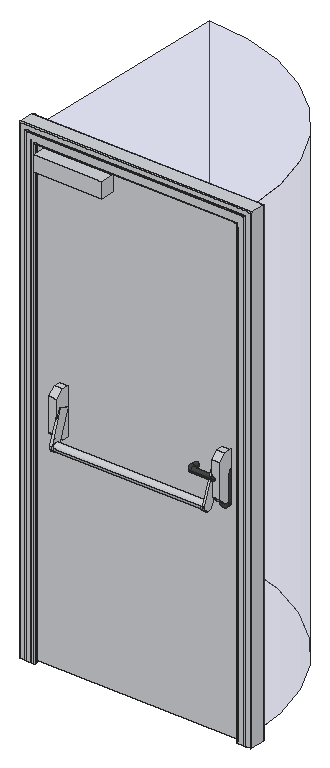
Revit family "Gamme Turia 1V - Tunnel", category Portes, Revit 2022
Family settings
  Basée sur le plan de construction = Non
  Toujours verticalement = Oui
  Couper avec des vides une fois chargée = Non
  Partagée = Non
  Repère de localisation dans la pièce = Non
Parameters (values of type "Neo_1V - 900 x 2178")
  Model = ""
  Rough Width = 0 mm
  Largeur Réservation = 1056 mm
  Rough Height = 0 mm
  Hauteur Réservation = 2178 mm
  Manufacturer = ""
  FP DC340 Bras - OP [instance] = yes
  Elévation par défaut = 0 mm
  Définir les propriétés thermiques par = Type schématique
  Côte_passage_libre_Hauteur [instance] = Hauteur Réservation - 78 mm  # 2100 mm
  Côte_passage_libre_90 = Largeur Réservation - 166 mm  # 890 mm
  Côte_passage_libre_180 [instance] = Largeur Réservation - 146 mm  # 910 mm
  Côte_ouverture [instance] = Largeur Réservation - 100 mm  # 956 mm
  Construction analytique = "<Aucun>"
  Code d'assemblage = "B2030"
  Béquille P1F - OP [instance] = yes
  Béquille P1F - CP [instance] = yes
  Barre Antipanique CROSS [instance] = yes
Types (8, lengths in mm): name | Model | Rough Width | Largeur Réservation | Rough Height | Manufacturer | Côte_passage_libre_90 | Côte_passage_libre_180 | Côte_ouverture | Code d'assemblage
  Turia_1V - 900 x 2178 | "" | 0 | 1056 | 0 | "" | 890 | 910 | 956 | "B2030"
  Turia_1V - 1000 x 2178 | "" | 0 | 1156 | 0 | "" | 990 | 1010 | 1056 | 0
  Turia_1V - 1100 x 2178 | "" | 0 | 1056 | 0 | "" | 890 | 910 | 956 | 0
  Neo_1V - 900 x 2178 | "" | 0 | 1056 | 0 | "" | 890 | 910 | 956 | "B2030"
  TURIA_1V - 900 x 2179 | "" | 0 | 1056 | 0 | "" | 890 | 910 | 956 | "B2030"
  TURIA_1V -1346*2178 | "TURIA" | 1346 | 1346 | 2178 | "PORTEMETAL" | 1180 | 1200 | 1246 | "B2030"
  NEO_1V -1346*2178 | "NEO" | 1346 | 1346 | 2178 | "PORTEMETAL" | 1180 | 1200 | 1246 | "B2030"
  TURIA_1V - 1046*2178 | "TURIA" | 1046 | 1046 | 2178 | "PORTEMETAL" | 880 | 900 | 946 | "B2030"
Reference planes
  plane 1 "Centre (avant/arrière)": y = 0
  plane 2: z = 0
  plane 3 "Centre (gauche/droite)": x = 0
  plane 4: x = -528
  plane 5: x = 528
  plane 6 "Hauteur Réservation": z = 2178
  plane 7 "Hauteur Vantail": z = 2114
  plane 8 "Niveau Bas du Vantail": z = 10
  plane 9 "Hauteur Aile de recouvrement": z = 2136
  plane 10 "Hauteur béquille": z = 1069
  plane 11 "Niveau Bas Paumelle du bas": z = 42
  plane 12 "Niveau Bas Paumelle du milieu": z = 991
  plane 13 "Niveau Bas paumelle du Haut": z = 1909
Forms (mm)
  Sweep 1, solid
    path origin (0, 0, 0) x (1, 0, 0) y (0, 0, 1)
      loop
        line (-528, 0) -> (-528, 2178) -> (528, 2178) -> (528, 0)
    profile origin (-528, 0, 1089) x (-1, 0, 0) y (0, -1, 0)
      loop
        arc (-5, 69.5) -> (-5.879, 71.621) -> (-8, 72.5) r 3
        line (-8, 72.5) -> (-30, 72.5)
        arc (-30, 72.5) -> (-32.121, 71.621) -> (-33, 69.5) r 3
        arc (-33, 69.5) -> (-33.879, 71.621) -> (-36, 72.5) r 3
        line (-36, 72.5) -> (-69.9, 72.5)
        arc (-69.9, 72.5) -> (-72.092, 71.592) -> (-73, 69.4) r 3.1
        line (-73, 69.4) -> (-73, 64.05)
        arc (-73, 64.05) -> (-71.45, 62.5) -> (-69.9, 64.05) r 1.55
        line (-69.9, 64.05) -> (-69.9, 69.4) -> (-54.5, 69.4)
        arc (-54.5, 69.4) -> (-53.439, 68.961) -> (-53, 67.9) r 1.5
        line (-53, 67.9) -> (-53, 46.622) -> (-50, 43.622) -> (-50, 22.379) -> (-53, 19.379) -> (-53, 6)
        arc (-53, 6) -> (-52.121, 3.879) -> (-50, 3) r 3
        line (-50, 3) -> (-36.74, 3) -> (-33.74, 0) -> (-8, 0)
        arc (-8, 0) -> (-5.879, 0.879) -> (-5, 3) r 3
        line (-5, 3) -> (-5, 69.5)
  Extrusion 2, solid
    sketch origin (0, 0, 0) x (1, 0, 0) y (0, 1, 0)
      loop
        line (-466, -63.106) -> (466, -63.106) -> (466, -2.506) -> (-466, -2.506) -> (-466, -63.106)
    from 10 to 2114
  Extrusion 3, solid
    sketch origin (0, 0, 0) x (1, 0, 0) y (0, 1, 0)
      loop
        line (-482.119, -2.5) -> (482, -2.5)
        arc (482, -2.5) -> (483.197, -1.303) -> (482, -0.106) r 1.197
        line (482, -0.106) -> (-482.119, -0.106)
        arc (-482.119, -0.106) -> (-483.316, -1.303) -> (-482.119, -2.5) r 1.197
    from 10 to 2136
  Extrusion 4, solid, material "Verre"
    sketch origin (0, 0, 0) x (1, 0, 0) y (0, 1, 0)
      loop
        line (-486, 0) -> (470, 0)
        arc (470, 0) -> (189.994, 675.994) -> (-486, 956) r 956
        line (-486, 956) -> (-486, 0)
    from 0 to 2144.26
Dimensions and locks
  equal spacing: plane 4, plane 3 "Centre (gauche/droite)", plane 5
  "Largeur Réservation": plane 4 to plane 5
  "Hauteur Réservation": plane 6 "Hauteur Réservation" to level
  locked: plane 8 "Niveau Bas du Vantail" to level at 10
  locked: plane 6 "Hauteur Réservation" to plane 7 "Hauteur Vantail" at 64
  locked: plane 6 "Hauteur Réservation" to plane 9 "Hauteur Aile de recouvrement" at 42
  locked: nested 1 to Extrusion 2 at 65
  locked: plane 10 "Hauteur béquille" to level at 1069
  locked: plane 11 "Niveau Bas Paumelle du bas" to level at 42
  locked: plane 12 "Niveau Bas Paumelle du milieu" to level at 991
  locked: plane 13 "Niveau Bas paumelle du Haut" to level at 1909
  nested 5 to nested 4 = 0 mm
  locked: nested 5 to plane 4 at 23.993
  locked: nested 4 to plane 4 at 23.993
  locked: nested 3 to plane 4 at 23.993
  Sweep 1 to Sweep 1 = 910 mm
  locked: nested 2 to Extrusion 2 at 65
  locked: nested 6 to Extrusion 2
  locked: nested 6 to Extrusion 2 at 43
  locked: nested 6 to plane 10 "Hauteur béquille" at 104
  locked: nested 7 to Extrusion 2
  locked: nested 7 to plane 6 "Hauteur Réservation" at 80
  locked: Extrusion 2 to nested 7 at 49
  "Côte_ouverture": Extrusion 4 sketch curve to Extrusion 4 sketch curve  (x2)
  aligned and locked: level to plane 2
  aligned and locked: plane 4 to Sweep 1 sketch curve
  aligned and locked: Sweep 1 sketch curve to plane 6 "Hauteur Réservation"
  aligned and locked: Sweep 1 sketch curve to plane 5
  aligned and locked: level to Sweep 1 sketch curve  (x2)
  aligned and locked: Extrusion 2 to plane 8 "Niveau Bas du Vantail"
  aligned and locked: plane 7 "Hauteur Vantail" to Extrusion 2
  aligned and locked: Extrusion 3 to plane 8 "Niveau Bas du Vantail"
  aligned and locked: plane 9 "Hauteur Aile de recouvrement" to Extrusion 3
  aligned and locked: Extrusion 2 to nested 1
  aligned and locked: plane 10 "Hauteur béquille" to nested 1
  aligned and locked: nested 2 to Extrusion 3
  aligned and locked: nested 3 to Extrusion 2
  aligned and locked: Sweep 1 to nested 3
  aligned and locked: nested 3 to plane 11 "Niveau Bas Paumelle du bas"
  aligned and locked: nested 4 to plane 12 "Niveau Bas Paumelle du milieu"
  aligned and locked: nested 5 to plane 13 "Niveau Bas paumelle du Haut"
Automatic sketch dimensions
  plane 1 "Centre (avant/arrière)" to Sweep 1 sketch curve = 0 mm
  profile plane to Sweep 1 sketch curve = 73 mm
  Sweep 1 sketch curve to Sweep 1 sketch curve = 1.55 mm
  Sweep 1 sketch curve to Sweep 1 sketch curve = 0 mm  (x2)
  Sweep 1 sketch curve to Sweep 1 sketch curve = 15.4 mm
  plane 1 "Centre (avant/arrière)" to Sweep 1 sketch curve = 19.379 mm
  Sweep 1 sketch curve to Sweep 1 sketch curve = 16.9 mm
  Sweep 1 sketch curve to Sweep 1 sketch curve = 1.5 mm
  Sweep 1 sketch curve to Sweep 1 sketch curve = 3 mm  (x8)
  plane 1 "Centre (avant/arrière)" to Sweep 1 sketch curve = 3 mm  (x2)
  Sweep 1 sketch curve to Sweep 1 sketch curve = 13.26 mm
  Sweep 1 sketch curve to Sweep 1 sketch curve = 17 mm
  Sweep 1 sketch curve to Sweep 1 sketch curve = 6 mm
  profile plane to Sweep 1 sketch curve = 8 mm
  Sweep 1 sketch curve to Sweep 1 sketch curve = 21.243 mm
  Sweep 1 sketch curve to Sweep 1 sketch curve = 17.428 mm
  Sweep 1 sketch curve to Sweep 1 sketch curve = 3.85 mm
  plane 1 "Centre (avant/arrière)" to Extrusion 2 sketch curve = 2.506 mm
  plane 4 to Extrusion 2 sketch curve = 62 mm
  Extrusion 2 sketch curve to plane 5 = 62 mm
  Extrusion 2 sketch curve to Extrusion 2 sketch curve = 60.6 mm
  plane 1 "Centre (avant/arrière)" to Extrusion 3 sketch curve = 1.303 mm
  plane 4 to Extrusion 3 sketch curve = 45.881 mm
  plane 1 "Centre (avant/arrière)" to Extrusion 3 sketch curve = 2.5 mm
  Extrusion 3 sketch curve to plane 5 = 46 mm
  plane 1 "Centre (avant/arrière)" to Extrusion 4 sketch curve = 0 mm
  plane 4 to Extrusion 4 sketch curve = 42 mm
Nested families
  nested 1: "Béquille Nylon Premium" at (401, -63.106, 1023), visible <- "Béquille P1F - OP", type "Béquille Nylon Premium"
    with Nylon noir Materiel Béquille Standard
  nested 2: "Béquille Nylon Premium" at (401, -0.106, 1023), visible <- "Béquille P1F - CP", type "Béquille Nylon Premium"
    with Nylon noir Materiel Béquille Standard
  nested 3: "Axe Paumelle Turia" at (-504.007, 12, 42), type "Axe Paumelle Turia"
  nested 4: "Axe Paumelle Turia" at (-504.007, 12, 991), type "Axe Paumelle Turia"
  nested 5: "Axe Paumelle Turia" at (-504.007, 12, 1909), type "Axe Paumelle Turia"
  nested 6: "Barre antipanique CROSS-bis" at (-331.294, -63.106, 965), visible <- "Barre Antipanique CROSS", type "Barre antipanique CROSS-bis"
    with Longueur Tube/Barre 800 mm, Longeur tube 680 mm, Lg entre manoeuvre 680 mm, Lg Tube 680 mm
  nested 7: "Ferme-porte DC340 - Montage Opposé Paumelles" at (-109, -63.106, 2029), visible <- "FP DC340 Bras - OP", type "Ferme-porte DC340 - Montage Opposé Paumelles"
Definition of nested family "Béquille Nylon Premium"
  Parameters (values of type "Béquille Nylon Premium")
    Nylon noir [instance] = none
    Default Elevation = 0 mm
  Reference planes
    plane 1 "Centre (avant/arrière)": y = 0
    plane 2: z = 0
    plane 3 "Centre (gauche/droite)": x = 0
  Forms (mm)
    Extrusion 1, solid, material <- "Nylon noir"
      sketch origin (0, 0, 0) x (1, 0, 0) y (0, 0, 1)
        loop
          line (-23, 66) -> (-23, -66)
          arc (-23, -66) -> (0, -89) -> (23, -66) r 23
          line (23, -66) -> (23, 66)
          arc (23, 66) -> (0, 89) -> (-23, 66) r 23
      from 0 to 9
    Extrusion 2, void
      sketch origin (0, 0, 0) x (1, 0, 0) y (0, 0, 1)
        loop
          line (5.5, -46) -> (5.5, -33.124)
          arc (5.5, -33.124) -> (0, -17) -> (-5.5, -33.124) r 9
          line (-5.5, -33.124) -> (-5.5, -46)
          arc (-5.5, -46) -> (0, -51.5) -> (5.5, -46) r 5.5
      from -4.814 to 18.923
    Sweep 3, solid, material <- "Nylon noir"
      path origin (0, 0, 0) x (1, 0, 0) y (0, 1, 0)
        loop
          line (0, -9) -> (0, -38)
          arc (0, -38) -> (-4.686, -49.314) -> (-16, -54) r 16
          line (-16, -54) -> (-104, -54)
          arc (-104, -54) -> (-115.314, -49.314) -> (-120, -38) r 16
          line (-120, -38) -> (-120, -15.013)
      profile origin (0, -23.5, 0) x (1, 0, 0) y (0, 0, 1)
        loop
          circle (0, 46) r 11
  Cuts and joins
    Extrusion 2 cuts Extrusion 1
  Dimensions and locks
    locked: plane 3 "Centre (gauche/droite)" to Extrusion 1 sketch curve at 23
    Extrusion 1 sketch curve to plane 3 "Centre (gauche/droite)" = 23 mm
    locked: Sweep 3 sketch curve to cut or joined group of Extrusion 1, Extrusion 2 at 45
    locked: Sweep 3 sketch curve to Sweep 3 sketch curve at 120
    Sweep 3 sketch curve to Sweep 3 sketch curve = 16 mm  (x4)
    locked: Sweep 3 sketch curve to cut or joined group of Extrusion 1, Extrusion 2
    Sweep 3 sketch curve to Sweep 3 sketch curve = 38.987 mm
    locked: level to Sweep 3 at 46
    locked: cut or joined group of Extrusion 1, Extrusion 2 to level at 46
    aligned and locked: level to plane 2
Definition of nested family "Axe Paumelle Turia"
  Parameters
    Default Elevation = 0 mm
  Reference planes
    plane 1 "Centre (avant/arrière)": y = 0
    plane 2: z = 0
    plane 3 "Centre (gauche/droite)": x = 0
    plane 4 "Partie haute paumelle": z = 123
  Forms (mm)
    Extrusion 1, solid
      sketch origin (0, 0, 0) x (1, 0, 0) y (0, 1, 0)
        loop
          circle (0, 0) r 3
      from 0 to 123
    Extrusion 2, solid
      sketch origin (0, 0, 0) x (1, 0, 0) y (0, 1, 0)
        loop
          circle (0, 0) r 12
      from 0 to 6
    Extrusion 3, solid
      sketch origin (0, 0, 123) x (1, 0, 0) y (0, 1, 0)
        loop
          circle (0, 0) r 12
      from 0 to -6
    Extrusion 4, solid
      sketch origin (0, 0, 123) x (1, 0, 0) y (0, 1, 0)
        loop
          circle (0, 0) r 11.8
      from -6 to -9
    Extrusion 5, solid
      sketch origin (0, 0, 0) x (1, 0, 0) y (0, 1, 0)
        loop
          circle (0, 0) r 11.8
      from 6 to 9
    Extrusion 6, solid
      sketch origin (0, 0, 0) x (1, 0, 0) y (0, 1, 0)
        loop
          line (-12, 0) -> (-12, -13) -> (12, -13) -> (12, 0)
          arc (12, 0) -> (0, 12) -> (-12, 0) r 12
      from 9 to 11.5
    Extrusion 7, solid
      sketch origin (0, 0, 123) x (1, 0, 0) y (0, 1, 0)
        loop
          line (-12, 0) -> (-12, -15) -> (12, -15) -> (12, 0)
          arc (12, 0) -> (0, 12) -> (-12, 0) r 12
      from -11.5 to -9
    Extrusion 8, solid, not visible
      sketch origin (102.985, -75.376, 315) x (1, 0, 0) y (0, 1, 0)
        loop
          line (-81.011, 40.849) -> (-78.011, 40.849) -> (-78.011, 78.446)
          arc (-78.011, 78.446) -> (-79.305, 81.57) -> (-82.43, 82.865) r 4.419
          line (-82.43, 82.865) -> (-102.174, 82.865)
          arc (-102.174, 82.865) -> (-103.478, 83.405) -> (-104.018, 84.708) r 1.844
          line (-104.018, 84.708) -> (-104.018, 98.199)
          arc (-104.018, 98.199) -> (-127.294, 102.006) -> (-106.998, 89.992) r 12
          line (-106.998, 89.992) -> (-106.998, 84.381)
          arc (-106.998, 84.381) -> (-105.427, 81.088) -> (-102.033, 79.751) r 4.977
          line (-102.033, 79.751) -> (-82.033, 79.751)
          arc (-82.033, 79.751) -> (-81.31, 79.452) -> (-81.011, 78.729) r 1.022
          line (-81.011, 78.729) -> (-81.011, 40.849)
      from 0 to 100
    Extrusion 9, solid
      sketch origin (116.018, -97.865, 11.5) x (1, 0, 0) y (0, 1, 0)
        loop
          line (-81.011, 40.849) -> (-78.011, 40.849) -> (-78.011, 78.446)
          arc (-78.011, 78.446) -> (-79.305, 81.57) -> (-82.43, 82.865) r 4.419
          line (-82.43, 82.865) -> (-102.174, 82.865)
          arc (-102.174, 82.865) -> (-103.478, 83.405) -> (-104.018, 84.708) r 1.844
          line (-104.018, 84.708) -> (-104.018, 98.199)
          arc (-104.018, 98.199) -> (-127.294, 102.006) -> (-106.998, 89.992) r 12
          line (-106.998, 89.992) -> (-106.998, 84.381)
          arc (-106.998, 84.381) -> (-105.427, 81.088) -> (-102.033, 79.751) r 4.977
          line (-102.033, 79.751) -> (-82.033, 79.751)
          arc (-82.033, 79.751) -> (-81.31, 79.452) -> (-81.011, 78.729) r 1.022
          line (-81.011, 78.729) -> (-81.011, 40.849)
      from 0 to 100
  Dimensions and locks
    aligned and locked: level to plane 2
    aligned and locked: Extrusion 9 to Extrusion 7  (x2)
Definition of nested family "Barre antipanique CROSS-bis"
  Parameters (values of type "Barre antipanique CROSS-bis")
    Longueur barre = Largeur entre manoeuvre - 20 mm  # 680 mm
    Longueur Tube/Barre [instance] = 800 mm
    Longeur tube [instance] = 680 mm
    Lg entre manoeuvre [instance] = 680 mm
    Lg Tube [instance] = Lg entre manoeuvre  # 680 mm
    Largeur entre manoeuvre = 700 mm
    Default Elevation = 0 mm
  Reference planes
    plane 1 "Centre (avant/arrière)": y = 0
    plane 2: z = 0
    plane 3 "Centre (gauche/droite)": x = 0
    plane 4 "Plan manoeuvre BAP": x = -18
    plane 5 "Plan Bras Manoeuvre": x = 18
    plane 6 "Plan Barre BAP": x = 28
  Forms (mm)
    Extrusion 1, solid
      sketch origin (-18, 0, 0) x (0, 1, 0) y (0, 0, 1)
        loop
          line (0, 0) -> (30, 0) -> (60, 30) -> (60, 178) -> (30, 208) -> (0, 208) -> (0, 0)
      from 0 to 36
    Extrusion 2, solid
      sketch origin (-18, 0, 0) x (0, 1, 0) y (0, 0, 1)
        loop
          line (0, 0) -> (30, 0) -> (60, 30) -> (60, 178) -> (30, 208) -> (0, 208) -> (0, 0)
      from 736 to 772.294
    Extrusion 3, solid
      sketch origin (18, 0, 0) x (0, -1, 0) y (0, 0, 1)
        loop
          arc (-99.794, 6.84) -> (-87.84, -18.794) -> (-62.206, -6.84) r 20
          line (-62.206, -6.84) -> (-12.613, 129.415) -> (-50.201, 143.096) -> (-99.794, 6.84)
      from 0 to -10
    Extrusion 4, solid
      sketch origin (708, 0, 0) x (0, 1, 0) y (0, 0, 1)
        loop
          line (12.613, 129.415) -> (62.206, -6.84)
          arc (62.206, -6.84) -> (87.84, -18.794) -> (99.794, 6.84) r 20
          line (99.794, 6.84) -> (50.201, 143.096) -> (12.613, 129.415)
      from 0 to 10
    Sweep 5, solid
      path origin (0, 0, 0) x (1, 0, 0) y (0, 1, 0)
        loop
          line (28, 81) -> (708, 81)
      profile origin (368, 81, 0) x (0, 1, 0) y (0, 0, 1)
        loop
          circle (0, 0) r 17.5
  Dimensions and locks
    locked: Extrusion 1 sketch curve to Extrusion 1 sketch curve at 60
    locked: Extrusion 1 sketch curve to Extrusion 1 sketch curve at 208
    plane 1 "Centre (avant/arrière)" to Extrusion 1 sketch curve = 0 mm
    locked: Extrusion 1 sketch curve to Extrusion 1 sketch curve at 30  (x2)
    locked: plane 4 "Plan manoeuvre BAP" to plane 3 "Centre (gauche/droite)" at 18
    locked: Extrusion 2 sketch curve to Extrusion 1 at 30
    locked: Extrusion 1 to Extrusion 2 sketch curve at 30
    Extrusion 1 to Extrusion 2 sketch curve = 30 mm
    locked: Extrusion 2 to Extrusion 2 at 36.294
    locked: plane 4 "Plan manoeuvre BAP" to plane 5 "Plan Bras Manoeuvre" at 36
    plane 1 "Centre (avant/arrière)" to Extrusion 3 sketch curve = 81 mm
    Extrusion 3 sketch curve to Extrusion 2 = 0 mm
    locked: Extrusion 3 sketch curve to Extrusion 3 sketch curve at 165
    locked: Extrusion 3 sketch curve to Extrusion 3 sketch curve at 40
    plane 1 "Centre (avant/arrière)" to Extrusion 4 sketch curve = 81 mm
    level to Extrusion 4 sketch curve = 0 mm
    locked: plane 5 "Plan Bras Manoeuvre" to plane 6 "Plan Barre BAP" at 10
    "Longueur barre": Sweep 5 sketch curve to Sweep 5 sketch curve
    plane 1 "Centre (avant/arrière)" to Sweep 5 sketch curve = 81 mm
    locked: Sweep 5 sketch curve to level
    locked: plane 1 "Centre (avant/arrière)" to Sweep 5 sketch curve at 81
    locked: Extrusion 1 to Extrusion 3
    locked: Extrusion 4 to Extrusion 2 at 10
    locked: Extrusion 1 to Extrusion 3 at 10
    locked: Sweep 5 to Extrusion 3
    Sweep 5 sketch curve to plane 6 "Plan Barre BAP" = 0 mm
    locked: Extrusion 1 to Extrusion 1 at 36
    locked: Extrusion 1 to plane 4 "Plan manoeuvre BAP"
    locked: plane 6 "Plan Barre BAP" to Sweep 5
    Extrusion 3 to Extrusion 4 = 680 mm
    locked: Extrusion 4 to Extrusion 2
    locked: Extrusion 4 to Sweep 5
    aligned and locked: level to plane 2
  Automatic sketch dimensions
    Extrusion 1 sketch curve to level = 0 mm
    level to Extrusion 1 sketch curve = 30 mm
    Extrusion 1 sketch curve to Extrusion 1 sketch curve = 30 mm
    Extrusion 2 sketch curve to level = 0 mm
    Extrusion 2 sketch curve to plane 1 "Centre (avant/arrière)" = 0 mm
    Extrusion 2 sketch curve to Extrusion 2 sketch curve = 30 mm  (x3)
    Extrusion 3 sketch curve to plane 1 "Centre (avant/arrière)" = 12.613 mm
    level to Extrusion 3 sketch curve = 6.84 mm
    Extrusion 3 sketch curve to level = 6.84 mm
    Extrusion 4 sketch curve to plane 1 "Centre (avant/arrière)" = 12.613 mm
    Extrusion 4 sketch curve to Extrusion 4 sketch curve = 13.681 mm
    Extrusion 4 sketch curve to level = 6.84 mm
    level to Extrusion 4 sketch curve = 6.84 mm
    radius of Extrusion 4 sketch curve = 20 mm
    radius of Sweep 5 sketch curve = 17.5 mm
Definition of nested family "Ferme-porte DC340 - Montage Opposé Paumelles"
  Parameters
    Default Elevation = 0 mm
  Reference planes
    plane 1 "Centre (avant/arrière)": y = 0
    plane 2: z = 0
    plane 3 "Centre (gauche/droite)": x = 0
    plane 4 "Niveau Haut du corps": z = 69
    plane 5 "Niveau bas du rail": z = 82
  Forms (mm)
    Extrusion 1, solid
      sketch origin (0, 0, 0) x (1, 0, 0) y (0, 1, 0)
        loop
          line (0, -63) -> (0, 0) -> (-308, 0) -> (-308, -63) -> (0, -63)
      from 0 to 69
  Dimensions and locks
    locked: Extrusion 1 sketch curve to Extrusion 1 sketch curve at 308
    locked: Extrusion 1 sketch curve to Extrusion 1 sketch curve at 63
    locked: plane 4 "Niveau Haut du corps" to plane 2 at 69
    locked: plane 5 "Niveau bas du rail" to level at 82
    locked: Extrusion 1 sketch curve to plane 1 "Centre (avant/arrière)"
    aligned and locked: level to plane 2
    aligned and locked: Extrusion 1 sketch curve to plane 3 "Centre (gauche/droite)"
